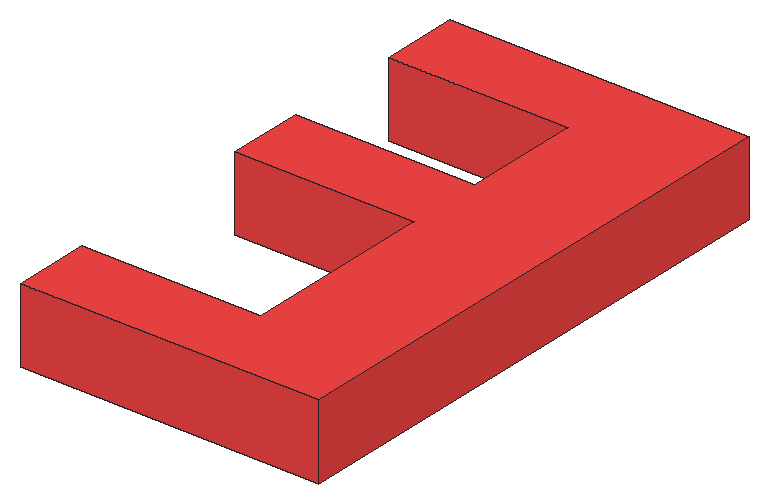
Revit family "Семейство3", category Обобщенные модели, Revit 2022
Family settings
  Может служить основой для арматурных стержней = Нет
  Размер круглого соединителя = Использовать диаметр
  Тип детали = Нормальный
  На основе рабочей плоскости = Нет
  Всегда вертикально = Да
  При загрузке вырезать с полостями = Нет
  Сохранять ориентацию аннотаций = Нет
  Общий = Нет
  Точка принадлежности помещению = Нет
Parameters
  Отметка по умолчанию = 0 mm
Reference planes
  plane 1 "По центру (Вперед/Назад)": y = 0
  plane 2: z = 0
  plane 3 "По центру (Влево/Вправо)": x = 0
Forms (mm)
  Extrusion 1, solid, material "Новый материал 3"
    sketch origin (270, -55.402, 0) x (1, 0, 0) y (0, 1, 0)
      loop
        line (-169.725, -845.893) -> (230, -845.893) -> (230, 955.402) -> (-169.725, 955.402) -> (-169.725, -845.893)
    from 0 to 250
  Extrusion 2, solid, material "Новый материал 3"
    sketch origin (-460, -244.8, 0) x (1, 0, 0) y (0, 1, 0)
      loop
        line (-40, 888.305) -> (960, 888.305) -> (960, 1144.8) -> (-40, 1144.8) -> (-40, 888.305)
    from 0 to 250
  Extrusion 3, solid, material "Новый материал 3"
    sketch origin (-464.8, -1020.6, 0) x (1, 0, 0) y (0, 1, 0)
      loop
        line (-35.2, 1274.874) -> (-35.2, 1019.6) -> (964.8, 1019.6) -> (964.8, 1274.874) -> (-35.2, 1274.874)
    from 0 to 250
  Extrusion 4, solid, material "Новый материал 3"
    sketch origin (-464.8, -1789.6, 0) x (1, 0, 0) y (0, 1, 0)
      loop
        line (-35.2, 888.305) -> (964.8, 888.305) -> (964.8, 1144.8) -> (-35.2, 1144.8) -> (-35.2, 888.305)
    from 0 to 250
Cuts and joins
  joined: Extrusion 1, Extrusion 2, Extrusion 3, Extrusion 4
Dimensions and locks
  plane 3 "По центру (Влево/Вправо)" to Extrusion 1 to Extrusion 1 = 100.275 mm, 399.725 mm
  Extrusion 1 to plane 1 "По центру (Вперед/Назад)" to Extrusion 1 = 900 mm, 901.295 mm
  Extrusion 2 to Extrusion 2 = 1000 mm
  Extrusion 2 to Extrusion 2 = 256.495 mm
  cut or joined group of Extrusion 1, Extrusion 2, Extrusion 3, Extrusion 4 to cut or joined group of Extrusion 1, Extrusion 2, Extrusion 3, Extrusion 4 = 250 mm
  cut or joined group of Extrusion 1, Extrusion 2, Extrusion 3, Extrusion 4 to plane 3 "По центру (Влево/Вправо)" to cut or joined group of Extrusion 1, Extrusion 2, Extrusion 3, Extrusion 4 = 500 mm, 500 mm
  cut or joined group of Extrusion 1, Extrusion 2, Extrusion 3, Extrusion 4 to cut or joined group of Extrusion 1, Extrusion 2, Extrusion 3, Extrusion 4 = 256.495 mm
  aligned and locked: level to plane 2
